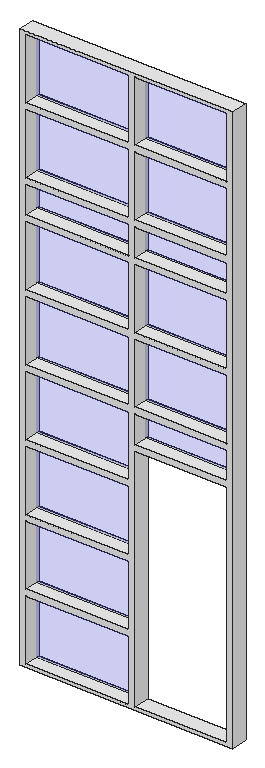
Revit family
Parameters
  창 패널 = ACW2 창 패널
  창 프레임 = ACW2 창 프레임
  높이 2 = 높이 1 * 2  # 600 mm
  높이 1 = Height / 17  # 300 mm
  Height = 5100 mm
  기본 씰 높이 = 0 mm
  Wall Closure = (empty or 0)
  Width = 1900 mm
  창 두께 = 150 mm
Reference planes
  plane 1: y = 0
  plane 2 "중심(왼쪽/오른쪽)": x = 0
  plane 3 "왼쪽": x = -950
  plane 4 "오른쪽": x = 950
  plane 5 "씰": z = 0
  plane 6 "헤드": z = 5100
  plane 7 "외부": y = 100
  plane 8 "내부": y = -100
  plane 9: z = 4500
  plane 10: z = 3900
  plane 11: z = 3600
  plane 12: z = 3000
  plane 13: z = 2400
  plane 14: z = 1800
  plane 15: z = 1200
  plane 16: z = 600
  plane 17: y = -75
  plane 18: y = 75
  plane 19: y = 66
  plane 20: y = 44
  plane 21: y = 35
  plane 22: x = -900
  plane 23: x = 900
  plane 24: z = 575
  plane 25: z = 625
  plane 26: z = 1175
  plane 27: z = 1225
  plane 28: z = 1775
  plane 29: z = 1825
  plane 30: z = 2375
  plane 31: z = 2425
  plane 32: z = 3025
  plane 33: z = 2975
  plane 34: z = 3575
  plane 35: z = 3625
  plane 36: z = 3875
  plane 37: z = 3925
  plane 38: z = 4475
  plane 39: z = 4525
  plane 40: z = 25
  plane 41: z = 5075
  plane 42: x = 50
  plane 43: x = 25
  plane 44: x = 75
  plane 45: z = 2100
  plane 46: z = 2075
  plane 47: z = 2125
Forms (mm)
  Extrusion 1, solid, material "ACW2 창 프레임" <- "창 프레임"
    sketch origin (-2165.69, 265, 1175) x (0, 1, 0) y (1, 0, 0)
      loop
        line (-190, 2190.69) -> (-340, 2190.69) -> (-340, 1265.69) -> (-190, 1265.69) -> (-190, 2190.69)
    from 0 to -50
  Extrusion 2, solid, material "ACW2 창 프레임" <- "창 프레임"
    sketch origin (-2165.69, 265, 575) x (0, 1, 0) y (1, 0, 0)
      loop
        line (-190, 2190.69) -> (-340, 2190.69) -> (-340, 1265.69) -> (-190, 1265.69) -> (-190, 2190.69)
    from 0 to -50
  Extrusion 3, solid, material "ACW2 창 프레임" <- "창 프레임"
    sketch origin (-2165.69, 265, 1775) x (0, 1, 0) y (1, 0, 0)
      loop
        line (-190, 2190.69) -> (-340, 2190.69) -> (-340, 1265.69) -> (-190, 1265.69) -> (-190, 2190.69)
    from 0 to -50
  Extrusion 4, solid, material "ACW2 창 프레임" <- "창 프레임"
    sketch origin (-2165.69, 265, 2375) x (0, 1, 0) y (1, 0, 0)
      loop
        line (-190, 2190.69) -> (-340, 2190.69) -> (-340, 1265.69) -> (-190, 1265.69) -> (-190, 2190.69)
    from 0 to -50
  Extrusion 5, solid, material "ACW2 창 프레임" <- "창 프레임"
    sketch origin (-2165.69, 265, 2975) x (0, 1, 0) y (1, 0, 0)
      loop
        line (-190, 2190.69) -> (-340, 2190.69) -> (-340, 1265.69) -> (-190, 1265.69) -> (-190, 2190.69)
    from 0 to -50
  Extrusion 6, solid, material "ACW2 창 프레임" <- "창 프레임"
    sketch origin (-2165.69, 265, 3575) x (0, 1, 0) y (1, 0, 0)
      loop
        line (-190, 2190.69) -> (-340, 2190.69) -> (-340, 1265.69) -> (-190, 1265.69) -> (-190, 2190.69)
    from 0 to -50
  Extrusion 7, solid, material "ACW2 창 프레임" <- "창 프레임"
    sketch origin (-2165.69, 265, 3875) x (0, 1, 0) y (1, 0, 0)
      loop
        line (-190, 2190.69) -> (-340, 2190.69) -> (-340, 1265.69) -> (-190, 1265.69) -> (-190, 2190.69)
    from 0 to -50
  Extrusion 8, solid, material "ACW2 창 프레임" <- "창 프레임"
    sketch origin (-2165.69, 265, 4475) x (0, 1, 0) y (1, 0, 0)
      loop
        line (-190, 2190.69) -> (-340, 2190.69) -> (-340, 1265.69) -> (-190, 1265.69) -> (-190, 2190.69)
    from 0 to -50
  Extrusion 9, solid, material "ACW2 창 패널" <- "창 패널"
    sketch origin (0, 0, 0) x (1, 0, 0) y (0, 1, 0)
      loop
        line (-900, 66) -> (-900, 44) -> (25, 44) -> (25, 66) -> (-900, 66)
    from 25 to 575
  Extrusion 10, solid, material "ACW2 창 패널" <- "창 패널"
    sketch origin (0, 0, 575) x (1, 0, 0) y (0, 1, 0)
      loop
        line (-900, 66) -> (-900, 44) -> (25, 44) -> (25, 66) -> (-900, 66)
    from 50 to 600
  Extrusion 11, solid, material "ACW2 창 패널" <- "창 패널"
    sketch origin (0, 0, 1175) x (1, 0, 0) y (0, 1, 0)
      loop
        line (-900, 66) -> (-900, 44) -> (25, 44) -> (25, 66) -> (-900, 66)
    from 50 to 600
  Extrusion 12, solid, material "ACW2 창 패널" <- "창 패널"
    sketch origin (0, 0, 1775) x (1, 0, 0) y (0, 1, 0)
      loop
        line (-900, 66) -> (-900, 44) -> (25, 44) -> (25, 66) -> (-900, 66)
    from 50 to 600
  Extrusion 13, solid, material "ACW2 창 패널" <- "창 패널"
    sketch origin (0, 0, 2375) x (1, 0, 0) y (0, 1, 0)
      loop
        line (-900, 66) -> (-900, 44) -> (25, 44) -> (25, 66) -> (-900, 66)
    from 50 to 600
  Extrusion 14, solid, material "ACW2 창 패널" <- "창 패널"
    sketch origin (0, 0, 2975) x (1, 0, 0) y (0, 1, 0)
      loop
        line (-900, 66) -> (-900, 44) -> (25, 44) -> (25, 66) -> (-900, 66)
    from 50 to 600
  Extrusion 15, solid, material "ACW2 창 패널" <- "창 패널"
    sketch origin (0, 0, 3575) x (1, 0, 0) y (0, 1, 0)
      loop
        line (-900, 66) -> (-900, 44) -> (25, 44) -> (25, 66) -> (-900, 66)
    from 50 to 300
  Extrusion 16, solid, material "ACW2 창 패널" <- "창 패널"
    sketch origin (0, 0, 3875) x (1, 0, 0) y (0, 1, 0)
      loop
        line (-900, 66) -> (-900, 44) -> (25, 44) -> (25, 66) -> (-900, 66)
    from 50 to 600
  Extrusion 17, solid, material "ACW2 창 패널" <- "창 패널"
    sketch origin (0, 0, 4475) x (1, 0, 0) y (0, 1, 0)
      loop
        line (-900, 66) -> (-900, 44) -> (25, 44) -> (25, 66) -> (-900, 66)
    from 50 to 600
  Extrusion 18, solid, material "ACW2 창 프레임" <- "창 프레임"
    sketch origin (0, 0, 0) x (1, 0, 0) y (0, 1, 0)
      loop
        line (-950, 75) -> (-950, -75) -> (-900, -75) -> (-900, 75) -> (-950, 75)
      loop
        line (900, 75) -> (900, -75) -> (950, -75) -> (950, 75) -> (900, 75)
    from 0 to 5100
  Extrusion 19, solid, material "ACW2 창 프레임" <- "창 프레임"
    sketch origin (-2165.69, 265, 0) x (0, 1, 0) y (1, 0, 0)
      loop
        line (-190, 3065.69) -> (-340, 3065.69) -> (-340, 1265.69) -> (-190, 1265.69) -> (-190, 3065.69)
    from 0 to -25
  Extrusion 20, solid, material "ACW2 창 프레임" <- "창 프레임"
    sketch origin (-2165.69, 265, 5050) x (0, 1, 0) y (1, 0, 0)
      loop
        line (-190, 3065.69) -> (-340, 3065.69) -> (-340, 1265.69) -> (-190, 1265.69) -> (-190, 3065.69)
    from -25 to -50
  Extrusion 21, solid, material "ACW2 창 프레임" <- "창 프레임"
    sketch origin (0, 0, 0) x (1, 0, 0) y (0, 1, 0)
      loop
        line (25, 75) -> (25, -75) -> (75, -75) -> (75, 75) -> (25, 75)
    from 0 to 5100
  Extrusion 22, solid, material "ACW2 창 패널" <- "창 패널"
    sketch origin (875, 0, 1775) x (1, 0, 0) y (0, 1, 0)
      loop
        line (-800, 66) -> (-800, 44) -> (25, 44) -> (25, 66) -> (-800, 66)
    from 350 to 600
  Extrusion 23, solid, material "ACW2 창 프레임" <- "창 프레임"
    sketch origin (2105.642, 265, 2100) x (1, 0, 0) y (0, 1, 0)
      loop
        line (-2030.642, -190) -> (-2030.642, -340) -> (-1205.642, -340) -> (-1205.642, -190) -> (-2030.642, -190)
    from -25 to 25
  Extrusion 24, solid, material "ACW2 창 프레임" <- "창 프레임"
    sketch origin (-1193.69, 265, 2375) x (0, 1, 0) y (1, 0, 0)
      loop
        line (-190, 2093.69) -> (-340, 2093.69) -> (-340, 1268.69) -> (-190, 1268.69) -> (-190, 2093.69)
    from 0 to -50
  Extrusion 25, solid, material "ACW2 창 프레임" <- "창 프레임"
    sketch origin (-1193.69, 265, 2975) x (0, 1, 0) y (1, 0, 0)
      loop
        line (-190, 2093.69) -> (-340, 2093.69) -> (-340, 1268.69) -> (-190, 1268.69) -> (-190, 2093.69)
    from 0 to -50
  Extrusion 26, solid, material "ACW2 창 프레임" <- "창 프레임"
    sketch origin (-1193.69, 265, 3575) x (0, 1, 0) y (1, 0, 0)
      loop
        line (-190, 2093.69) -> (-340, 2093.69) -> (-340, 1268.69) -> (-190, 1268.69) -> (-190, 2093.69)
    from 0 to -50
  Extrusion 27, solid, material "ACW2 창 프레임" <- "창 프레임"
    sketch origin (-1193.69, 265, 3875) x (0, 1, 0) y (1, 0, 0)
      loop
        line (-190, 2093.69) -> (-340, 2093.69) -> (-340, 1268.69) -> (-190, 1268.69) -> (-190, 2093.69)
    from 0 to -50
  Extrusion 28, solid, material "ACW2 창 프레임" <- "창 프레임"
    sketch origin (-1193.69, 265, 4475) x (0, 1, 0) y (1, 0, 0)
      loop
        line (-190, 2093.69) -> (-340, 2093.69) -> (-340, 1268.69) -> (-190, 1268.69) -> (-190, 2093.69)
    from 0 to -50
  Extrusion 29, solid, material "ACW2 창 패널" <- "창 패널"
    sketch origin (972, 0, 4475) x (1, 0, 0) y (0, 1, 0)
      loop
        line (-897, 66) -> (-897, 44) -> (-72, 44) -> (-72, 66) -> (-897, 66)
    from 50 to 600
  Extrusion 30, solid, material "ACW2 창 패널" <- "창 패널"
    sketch origin (972, 0, 2375) x (1, 0, 0) y (0, 1, 0)
      loop
        line (-897, 66) -> (-897, 44) -> (-72, 44) -> (-72, 66) -> (-897, 66)
    from 50 to 600
  Extrusion 31, solid, material "ACW2 창 패널" <- "창 패널"
    sketch origin (972, 0, 2975) x (1, 0, 0) y (0, 1, 0)
      loop
        line (-897, 66) -> (-897, 44) -> (-72, 44) -> (-72, 66) -> (-897, 66)
    from 50 to 600
  Extrusion 32, solid, material "ACW2 창 패널" <- "창 패널"
    sketch origin (972, 0, 3575) x (1, 0, 0) y (0, 1, 0)
      loop
        line (-897, 66) -> (-897, 44) -> (-72, 44) -> (-72, 66) -> (-897, 66)
    from 50 to 300
  Extrusion 33, solid, material "ACW2 창 패널" <- "창 패널"
    sketch origin (972, 0, 3875) x (1, 0, 0) y (0, 1, 0)
      loop
        line (-897, 66) -> (-897, 44) -> (-72, 44) -> (-72, 66) -> (-897, 66)
    from 50 to 600
Cuts and joins
  joined: Extrusion 1, Extrusion 2, Extrusion 3, Extrusion 4, Extrusion 5, Extrusion 6, Extrusion 7, Extrusion 8, Extrusion 18, Extrusion 19, Extrusion 20, Extrusion 21, Extrusion 23, Extrusion 24, Extrusion 25, Extrusion 26, Extrusion 27, Extrusion 28
Lines and regions (mm)
  Opening 1
    outline origin (3500, -100, 0) x (1, 0, 0) y (0, 0, 1)
      loop
        line (-2550, 0) -> (-2550, 5100) -> (-4450, 5100) -> (-4450, 0) -> (-2550, 0)
  Masking region 1
    outline origin (2105.642, 265, 2100) x (1, 0, 0) y (0, 1, 0)
      loop
        line (-3055.642, -190) -> (-3055.642, -340) -> (-1155.642, -340) -> (-1155.642, -190) -> (-3055.642, -190)
  symbolic lines
    curve 1: line (-950, 75, 2100) -> (950, 75, 2100)
    curve 2: line (-950, -75, 2100) -> (-950, 75, 2100)
    curve 3: line (950, -75, 2100) -> (-950, -75, 2100)
    curve 4: line (950, 75, 2100) -> (950, -75, 2100)
    curve 5: line (-900, 75, 2100) -> (-900, -75, 2100)
    curve 6: line (900, 75, 2100) -> (900, -75, 2100)
Text (mm)
  text "외부" at (-1963.203, 1332.353, 0), in view "참조 레벨"
  text "내부" at (-1981.466, -818.386, 0), in view "참조 레벨"
  text "외부" at (0, 923.751, 2943.296), in view "오른쪽"
  text "외부" at (0, 1040.484, 2685.409), in view "왼쪽"
Dimensions and locks
  equal spacing: plane 3 "왼쪽", plane 2 "중심(왼쪽/오른쪽)", plane 4 "오른쪽"
  "Width": plane 3 "왼쪽" to plane 4 "오른쪽"
  "Height": plane 5 "씰" to plane 6 "헤드"
  "기본 씰 높이": plane 5 "씰" to level
  locked: plane 7 "외부" to host wall at 0
  locked: plane 8 "내부" to host wall
  "창 두께": plane 18 to plane 17
  equal spacing: plane 18, plane 1, plane 17
  plane 18 to plane 19 to plane 20 to plane 21 = 9 mm locked, 22 mm locked, 9 mm locked
  locked: plane 3 "왼쪽" to plane 22 at 50
  locked: plane 23 to plane 4 "오른쪽" at 50
  locked: plane 41 to plane 6 "헤드" at 25
  locked: plane 42 to plane 4 "오른쪽" at 900
  plane 43 to plane 42 to plane 44 = 25 mm locked, 25 mm locked
  plane 38 to plane 9 to plane 39 = 25 mm locked, 25 mm locked
  plane 36 to plane 10 to plane 37 = 25 mm locked, 25 mm locked
  plane 34 to plane 11 to plane 35 = 25 mm locked, 25 mm locked
  plane 33 to plane 12 to plane 32 = 25 mm locked, 25 mm locked
  plane 30 to plane 13 to plane 31 = 25 mm locked, 25 mm locked
  plane 46 to plane 45 to plane 47 = 25 mm locked, 25 mm locked
  plane 28 to plane 14 to plane 29 = 25 mm locked, 25 mm locked
  plane 26 to plane 15 to plane 27 = 25 mm locked, 25 mm locked
  plane 24 to plane 16 to plane 25 = 25 mm locked, 25 mm locked
  locked: plane 5 "씰" to plane 40 at 25
  "높이 2": plane 9 to plane 6 "헤드"
  "높이 2": plane 10 to plane 9
  "높이 1": plane 11 to plane 10
  "높이 2": plane 12 to plane 11
  "높이 2": plane 13 to plane 12
  "높이 1": plane 45 to plane 13
  "높이 1": plane 14 to plane 45
  "높이 2": plane 15 to plane 14
  "높이 2": plane 16 to plane 15
  aligned and locked: Extrusion 9 to plane 24
  aligned and locked: Extrusion 10 to plane 26
  aligned and locked: plane 3 "왼쪽" to Extrusion 18 sketch curve
  aligned and locked: Extrusion 18 sketch curve to plane 18
  aligned and locked: plane 17 to Extrusion 18 sketch curve
  aligned and locked: plane 4 "오른쪽" to Extrusion 18 sketch curve
  aligned and locked: Extrusion 18 to host wall
  aligned and locked: Extrusion 20 to host wall
  aligned and locked: plane 41 to Extrusion 20
  aligned and locked: plane 17 to Extrusion 21 sketch curve
  aligned and locked: plane 44 to Extrusion 21 sketch curve
  aligned and locked: Extrusion 21 to host wall
  aligned and locked: Extrusion 21 to Extrusion 23 sketch curve
  aligned and locked: Extrusion 23 sketch curve to Extrusion 21
  aligned and locked: cut or joined group 1 (Extrusion 1, Extrusion 2, Extrusion 3, Extrusion 4, Extrusion 5, Extrusion 6, Extrusion 7, Extrusion 8, Extrusion 18, Extrusion 19, Extrusion 20, Extrusion 21, Extrusion 23, Extrusion 24, Extrusion 25, Extrusion 26, Extrusion 27, Extrusion 28) to Extrusion 23 sketch curve
  aligned and locked: Extrusion 23 sketch curve to cut or joined group 1
  aligned and locked: plane 40 to Extrusion 19
  aligned and locked: plane 5 "씰" to Extrusion 19
  aligned and locked: Extrusion 9 to plane 40
  aligned and locked: plane 5 "씰" to Extrusion 18
  aligned and locked: cut or joined group 1 to plane 6 "헤드"
  aligned and locked: Extrusion 29 to plane 41
  aligned and locked: Extrusion 17 to plane 41
  aligned and locked: Extrusion 28 to plane 39
  aligned and locked: plane 39 to Extrusion 29
  aligned and locked: plane 38 to Extrusion 28
  aligned and locked: Extrusion 8 to plane 39
  aligned and locked: plane 39 to Extrusion 17
  aligned and locked: plane 38 to Extrusion 8
  aligned and locked: Extrusion 33 to plane 38
  aligned and locked: Extrusion 16 to plane 38
  aligned and locked: Extrusion 27 to plane 37
  aligned and locked: plane 37 to Extrusion 33
  aligned and locked: plane 36 to Extrusion 27
  aligned and locked: Extrusion 7 to plane 37
  aligned and locked: plane 37 to Extrusion 16
  aligned and locked: plane 36 to Extrusion 7
  aligned and locked: Extrusion 15 to plane 36
  aligned and locked: Extrusion 32 to plane 36
  aligned and locked: Extrusion 26 to plane 35
  aligned and locked: plane 35 to Extrusion 32
  aligned and locked: plane 34 to Extrusion 26
  aligned and locked: Extrusion 6 to plane 35
  aligned and locked: plane 35 to Extrusion 15
  aligned and locked: plane 34 to Extrusion 6
  aligned and locked: Extrusion 31 to plane 34
  aligned and locked: Extrusion 25 to plane 32
  aligned and locked: plane 32 to Extrusion 31
  aligned and locked: plane 33 to Extrusion 25
  aligned and locked: Extrusion 14 to plane 34
  aligned and locked: Extrusion 5 to plane 32
  aligned and locked: plane 32 to Extrusion 14
  aligned and locked: plane 33 to Extrusion 5
  aligned and locked: Extrusion 13 to plane 33
  aligned and locked: Extrusion 30 to plane 33
  aligned and locked: Extrusion 24 to plane 31
  aligned and locked: plane 31 to Extrusion 30
  aligned and locked: plane 30 to Extrusion 24
  aligned and locked: Extrusion 4 to plane 31
  aligned and locked: plane 31 to Extrusion 13
  aligned and locked: plane 30 to Extrusion 4
  aligned and locked: Extrusion 22 to plane 30
  aligned and locked: Extrusion 12 to plane 30
  aligned and locked: Extrusion 22 to cut or joined group 1
  aligned and locked: Extrusion 3 to plane 29
  aligned and locked: plane 29 to Extrusion 12
  aligned and locked: plane 28 to Extrusion 3
  aligned and locked: Extrusion 11 to plane 28
  aligned and locked: Extrusion 1 to plane 27
  aligned and locked: plane 27 to Extrusion 11
  aligned and locked: plane 26 to Extrusion 1
  aligned and locked: Extrusion 2 to plane 25
  aligned and locked: plane 25 to Extrusion 10
  aligned and locked: plane 24 to Extrusion 2
  aligned and locked: plane 5 "씰" to Extrusion 21
  aligned and locked: plane 6 "헤드" to Opening 1 sketch curve
  aligned and locked: plane 4 "오른쪽" to Opening 1 sketch curve
  aligned and locked: plane 3 "왼쪽" to Opening 1 sketch curve
  aligned and locked: plane 5 "씰" to Opening 1 sketch curve
  aligned and locked: Extrusion 23 to plane 47
  aligned and locked: Masking region 1 sketch curve to cut or joined group 1  (x3)
  aligned and locked: cut or joined group 1 to Masking region 1 sketch curve
  aligned and locked: curve 1 to cut or joined group 1  (x2)
  aligned and locked: cut or joined group 1 to curve 4
  aligned and locked: curve 4 to cut or joined group 1
  aligned and locked: curve 5 to cut or joined group 1
  aligned: curve 1 to curve 6
  aligned and locked: curve 6 to cut or joined group 1
Automatic sketch dimensions
  Extrusion 1 sketch curve to plane 17 = 0 mm
  Extrusion 1 sketch curve to plane 18 = 0 mm
  Extrusion 1 sketch curve to plane 43 = 0 mm
  Extrusion 1 sketch curve to plane 22 = 0 mm
  Extrusion 2 sketch curve to plane 17 = 0 mm
  Extrusion 2 sketch curve to plane 18 = 0 mm
  Extrusion 2 sketch curve to plane 43 = 0 mm
  Extrusion 2 sketch curve to plane 22 = 0 mm
  Extrusion 3 sketch curve to plane 17 = 0 mm
  Extrusion 3 sketch curve to plane 18 = 0 mm
  Extrusion 3 sketch curve to plane 43 = 0 mm
  Extrusion 3 sketch curve to plane 22 = 0 mm
  Extrusion 4 sketch curve to plane 17 = 0 mm
  Extrusion 4 sketch curve to plane 18 = 0 mm
  Extrusion 4 sketch curve to plane 43 = 0 mm
  Extrusion 4 sketch curve to plane 22 = 0 mm
  Extrusion 5 sketch curve to plane 17 = 0 mm
  Extrusion 5 sketch curve to plane 18 = 0 mm
  Extrusion 5 sketch curve to plane 43 = 0 mm
  Extrusion 5 sketch curve to plane 22 = 0 mm
  Extrusion 6 sketch curve to plane 17 = 0 mm
  Extrusion 6 sketch curve to plane 18 = 0 mm
  Extrusion 6 sketch curve to plane 43 = 0 mm
  Extrusion 6 sketch curve to plane 22 = 0 mm
  Extrusion 7 sketch curve to plane 17 = 0 mm
  Extrusion 7 sketch curve to plane 18 = 0 mm
  Extrusion 7 sketch curve to plane 43 = 0 mm
  Extrusion 7 sketch curve to plane 22 = 0 mm
  Extrusion 8 sketch curve to plane 17 = 0 mm
  Extrusion 8 sketch curve to plane 18 = 0 mm
  Extrusion 8 sketch curve to plane 43 = 0 mm
  Extrusion 8 sketch curve to plane 22 = 0 mm
  Extrusion 9 sketch curve to plane 20 = 0 mm
  Extrusion 9 sketch curve to plane 22 = 0 mm
  Extrusion 9 sketch curve to plane 43 = 0 mm
  Extrusion 9 sketch curve to plane 19 = 0 mm
  Extrusion 10 sketch curve to plane 20 = 0 mm
  Extrusion 10 sketch curve to plane 22 = 0 mm
  Extrusion 10 sketch curve to plane 43 = 0 mm
  Extrusion 10 sketch curve to plane 19 = 0 mm
  Extrusion 11 sketch curve to plane 20 = 0 mm
  Extrusion 11 sketch curve to plane 22 = 0 mm
  Extrusion 11 sketch curve to plane 43 = 0 mm
  Extrusion 11 sketch curve to plane 19 = 0 mm
  Extrusion 12 sketch curve to plane 20 = 0 mm
  Extrusion 12 sketch curve to plane 22 = 0 mm
  Extrusion 12 sketch curve to plane 43 = 0 mm
  Extrusion 12 sketch curve to plane 19 = 0 mm
  Extrusion 13 sketch curve to plane 20 = 0 mm
  Extrusion 13 sketch curve to plane 22 = 0 mm
  Extrusion 13 sketch curve to plane 43 = 0 mm
  Extrusion 13 sketch curve to plane 19 = 0 mm
  Extrusion 14 sketch curve to plane 20 = 0 mm
  Extrusion 14 sketch curve to plane 22 = 0 mm
  Extrusion 14 sketch curve to plane 43 = 0 mm
  Extrusion 14 sketch curve to plane 19 = 0 mm
  Extrusion 15 sketch curve to plane 20 = 0 mm
  Extrusion 15 sketch curve to plane 22 = 0 mm
  Extrusion 15 sketch curve to plane 43 = 0 mm
  Extrusion 15 sketch curve to plane 19 = 0 mm
  Extrusion 16 sketch curve to plane 20 = 0 mm
  Extrusion 16 sketch curve to plane 22 = 0 mm
  Extrusion 16 sketch curve to plane 43 = 0 mm
  Extrusion 16 sketch curve to plane 19 = 0 mm
  Extrusion 17 sketch curve to plane 20 = 0 mm
  Extrusion 17 sketch curve to plane 22 = 0 mm
  Extrusion 17 sketch curve to plane 43 = 0 mm
  Extrusion 17 sketch curve to plane 19 = 0 mm
  Extrusion 18 sketch curve to plane 17 = 0 mm
  Extrusion 18 sketch curve to plane 22 = 0 mm
  Extrusion 18 sketch curve to plane 18 = 0 mm
  Extrusion 18 sketch curve to plane 23 = 0 mm
  Extrusion 19 sketch curve to plane 17 = 0 mm
  Extrusion 19 sketch curve to plane 18 = 0 mm
  Extrusion 19 sketch curve to plane 23 = 0 mm
  Extrusion 19 sketch curve to plane 22 = 0 mm
  Extrusion 20 sketch curve to plane 17 = 0 mm
  Extrusion 20 sketch curve to plane 18 = 0 mm
  Extrusion 20 sketch curve to plane 23 = 0 mm
  Extrusion 20 sketch curve to plane 22 = 0 mm
  Extrusion 21 sketch curve to plane 43 = 0 mm
  Extrusion 21 sketch curve to plane 18 = 0 mm
  Extrusion 22 sketch curve to plane 20 = 0 mm
  Extrusion 22 sketch curve to plane 44 = 0 mm
  Extrusion 22 sketch curve to plane 23 = 0 mm
  Extrusion 22 sketch curve to plane 19 = 0 mm
  Extrusion 24 sketch curve to plane 17 = 0 mm
  Extrusion 24 sketch curve to plane 18 = 0 mm
  Extrusion 24 sketch curve to plane 44 = 0 mm
  plane 4 "오른쪽" to Extrusion 24 sketch curve = 50 mm
  Extrusion 25 sketch curve to plane 17 = 0 mm
  Extrusion 25 sketch curve to plane 18 = 0 mm
  Extrusion 25 sketch curve to plane 44 = 0 mm
  plane 4 "오른쪽" to Extrusion 25 sketch curve = 50 mm
  Extrusion 26 sketch curve to plane 17 = 0 mm
  Extrusion 26 sketch curve to plane 18 = 0 mm
  Extrusion 26 sketch curve to plane 44 = 0 mm
  plane 4 "오른쪽" to Extrusion 26 sketch curve = 50 mm
  Extrusion 27 sketch curve to plane 17 = 0 mm
  Extrusion 27 sketch curve to plane 18 = 0 mm
  Extrusion 27 sketch curve to plane 44 = 0 mm
  plane 4 "오른쪽" to Extrusion 27 sketch curve = 50 mm
  Extrusion 28 sketch curve to plane 17 = 0 mm
  Extrusion 28 sketch curve to plane 18 = 0 mm
  Extrusion 28 sketch curve to plane 44 = 0 mm
  plane 4 "오른쪽" to Extrusion 28 sketch curve = 50 mm
  Extrusion 29 sketch curve to plane 20 = 0 mm
  Extrusion 29 sketch curve to plane 44 = 0 mm
  Extrusion 29 sketch curve to plane 19 = 0 mm
  plane 4 "오른쪽" to Extrusion 29 sketch curve = 50 mm
  Extrusion 30 sketch curve to plane 20 = 0 mm
  Extrusion 30 sketch curve to plane 44 = 0 mm
  Extrusion 30 sketch curve to plane 19 = 0 mm
  plane 4 "오른쪽" to Extrusion 30 sketch curve = 50 mm
  Extrusion 31 sketch curve to plane 20 = 0 mm
  Extrusion 31 sketch curve to plane 44 = 0 mm
  Extrusion 31 sketch curve to plane 19 = 0 mm
  plane 4 "오른쪽" to Extrusion 31 sketch curve = 50 mm
  Extrusion 32 sketch curve to plane 20 = 0 mm
  Extrusion 32 sketch curve to plane 44 = 0 mm
  Extrusion 32 sketch curve to plane 19 = 0 mm
  plane 4 "오른쪽" to Extrusion 32 sketch curve = 50 mm
  Extrusion 33 sketch curve to plane 20 = 0 mm
  Extrusion 33 sketch curve to plane 44 = 0 mm
  Extrusion 33 sketch curve to plane 19 = 0 mm
  plane 4 "오른쪽" to Extrusion 33 sketch curve = 50 mm
